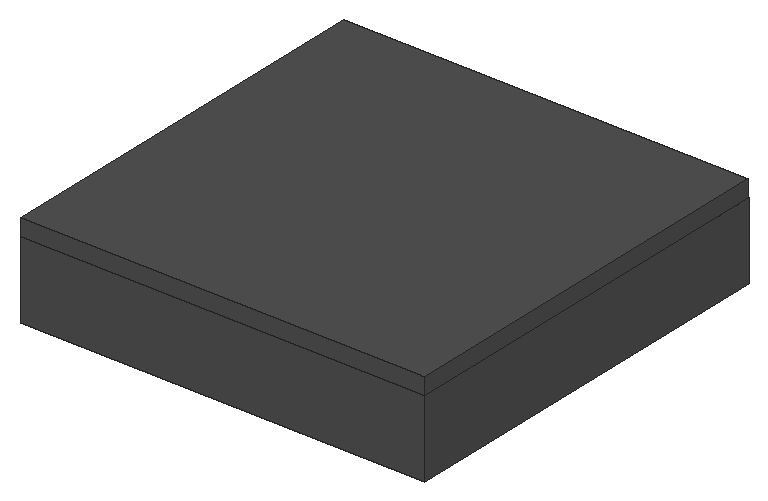
Revit family
Parameters (values of type "600 x 600mm(램프 2개)")
  폭 = 600 mm
  Wattage = 40 W
  built-in parameter 1150110 = 1 (stored number, unit not read)
  built-in parameter 1114217 = 1 (stored number, unit not read)
  built-in parameter 1150109 = 1 (stored number, unit not read)
  built-in parameter 1150134 = 8
  built-in parameter 1150113 = 1 (stored number, unit not read)
  built-in parameter 1150115 = 1 (stored number, unit not read)
  built-in parameter 1150105 = 827.61 (stored number, unit not read)
  Light Source Symbol Size = 609.6 mm
  built-in parameter 1150137 = (empty or 0)
  built-in parameter 1150139 = (empty or 0)
  조명 상자 2 = 금속 - 페인트 마감 - 진회색, 무광
  길이 = 600 mm
  built-in parameter 1150112 = 1 (stored number, unit not read)
  built-in parameter 1150114 = 1 (stored number, unit not read)
  built-in parameter 1150132 = (empty or 0)
  built-in parameter 1150102 = (empty or 0)
  built-in parameter 1150138 = (empty or 0)
  built-in parameter 1150107 = 4230 (stored number, unit not read)
  built-in parameter 1150106 = 8.2761 (stored number, unit not read)
  Emit from Rectangle Width = 폭  # 600 mm
  Emit from Rectangle Length = 길이  # 600 mm
  Emit Shape Visible in Rendering = no
  built-in parameter 1150104 = 6.0387 (stored number, unit not read)
  Dimming Lamp Color Temperature Shift = (empty or 0)
  디퓨저 = 유리 - 흰색, 높은 휘도
  Lamp = "T-12"
  조명 상자 1 = 금속 - 크롬
  Lumens = 2600 lm
  Wattage Comments = "(2)20"
  Color Filter = 16777215
  built-in parameter 1114218 = 1 (stored number, unit not read)
  built-in parameter 1150133 = 10 (stored number, unit not read)
Types (3, lengths in mm): name | Wattage | built-in parameter 1150105 | built-in parameter 1150106 | Lumens | Wattage Comments
  (no name) | 40 W | 827.61 (stored number, unit not read) | 8.2761 (stored number, unit not read) | 2600 lm | "(2)20"
  600 x 600mm(램프 2개) | 40 W | 827.61 (stored number, unit not read) | 8.2761 (stored number, unit not read) | 2600 lm | "(2)20"
  600 x 600mm(4 램프) | 80 W | 1655.2 (stored number, unit not read) | 16.552 (stored number, unit not read) | 5200 lm | "(4)20"
Reference planes
  plane 1 "광원 축": y = -54.666
  plane 2 "천장": z = 2438.4
  plane 3 "광원 축": x = -23.504
  plane 4 "광원 입면도": z = 2438.4
  plane 5: x = -323.504
  plane 6: x = 276.496
  plane 7: y = 245.334
  plane 8: y = -354.666
  plane 9: y = 32.609
  plane 10: y = -151.541
  plane 11: y = 216.759
  plane 12: y = -335.691
  plane 13: x = -294.929
  plane 14: x = 257.521
  plane 15: x = -110.779
  plane 16: x = 73.371
  plane 17: y = 32.609
  plane 18: y = -151.541
  plane 19: y = 216.759
  plane 20: y = -335.691
  plane 21: x = -294.929
  plane 22: x = 257.521
  plane 23: x = -110.779
  plane 24: x = 73.371
Forms (mm)
  Extrusion 1, solid, material "금속 - 크롬" <- "조명 상자 1"
    sketch origin (0, 0, 2438.4) x (1, 0, 0) y (0, 1, 0)
      loop
        line (-323.504, 245.334) -> (-323.504, -354.666) -> (276.496, -354.666) -> (276.496, 245.334) -> (-323.504, 245.334)
      loop
        line (-298.104, 219.934) -> (-298.104, -329.266) -> (251.096, -329.266) -> (251.096, 219.934) -> (-298.104, 219.934)
    from 0 to 114.3
  Extrusion 2, solid, material "금속 - 크롬" <- "조명 상자 1"
    sketch origin (0, 0, 2438.4) x (1, 0, 0) y (0, 1, 0)
      loop
        line (-323.504, 245.334) -> (-323.504, -354.666) -> (276.496, -354.666) -> (276.496, 245.334) -> (-323.504, 245.334)
    from 114.3 to 139.7
  Extrusion 3, solid, material "유리 - 흰색, 높은 휘도" <- "디퓨저"
    sketch origin (0, 0, 2438.4) x (1, 0, 0) y (0, 1, 0)
      loop
        line (-298.104, 219.934) -> (-298.104, -338.866) -> (260.696, -338.866) -> (260.696, 219.934) -> (-298.104, 219.934)
      loop
        line (-291.754, 35.784) -> (-113.954, 35.784) -> (-113.954, 213.584) -> (-291.754, 213.584) -> (-291.754, 35.784)
      loop
        line (-291.754, -148.366) -> (-113.954, -148.366) -> (-113.954, 29.434) -> (-291.754, 29.434) -> (-291.754, -148.366)
      loop
        line (-291.754, -154.716) -> (-291.754, -332.516) -> (-113.954, -332.516) -> (-113.954, -154.716) -> (-291.754, -154.716)
      loop
        line (-107.604, 35.784) -> (70.196, 35.784) -> (70.196, 213.584) -> (-107.604, 213.584) -> (-107.604, 35.784)
      loop
        line (-107.604, -148.366) -> (70.196, -148.366) -> (70.196, 29.434) -> (-107.604, 29.434) -> (-107.604, -148.366)
      loop
        line (-107.604, -154.716) -> (-107.604, -332.516) -> (70.196, -332.516) -> (70.196, -154.716) -> (-107.604, -154.716)
      loop
        line (76.546, 35.784) -> (254.346, 35.784) -> (254.346, 213.584) -> (76.546, 213.584) -> (76.546, 35.784)
      loop
        line (76.546, -148.366) -> (254.346, -148.366) -> (254.346, 29.434) -> (76.546, 29.434) -> (76.546, -148.366)
      loop
        line (76.546, -154.716) -> (76.546, -332.516) -> (254.346, -332.516) -> (254.346, -154.716) -> (76.546, -154.716)
    from 3.175 to 50.8
  Extrusion 4, solid, material "유리 - 흰색, 높은 휘도" <- "디퓨저"
    sketch origin (0, 0, 2438.4) x (1, 0, 0) y (0, 1, 0)
      loop
        line (-298.104, 219.934) -> (-298.104, -329.266) -> (251.096, -329.266) -> (251.096, 219.934) -> (-298.104, 219.934)
    from 76.2 to 82.55
  Extrusion 5, solid, material "금속 - 페인트 마감 - 진회색, 무광" <- "조명 상자 2"
    sketch origin (0, 0, 2438.4) x (1, 0, 0) y (0, 1, 0)
      loop
        line (-298.104, 219.934) -> (-298.104, -338.866) -> (260.696, -338.866) -> (260.696, 219.934) -> (-298.104, 219.934)
      loop
        line (-291.754, 35.784) -> (-113.954, 35.784) -> (-113.954, 213.584) -> (-291.754, 213.584) -> (-291.754, 35.784)
      loop
        line (-291.754, -148.366) -> (-113.954, -148.366) -> (-113.954, 29.434) -> (-291.754, 29.434) -> (-291.754, -148.366)
      loop
        line (-291.754, -154.716) -> (-291.754, -332.516) -> (-113.954, -332.516) -> (-113.954, -154.716) -> (-291.754, -154.716)
      loop
        line (-107.604, 35.784) -> (70.196, 35.784) -> (70.196, 213.584) -> (-107.604, 213.584) -> (-107.604, 35.784)
      loop
        line (-107.604, -148.366) -> (70.196, -148.366) -> (70.196, 29.434) -> (-107.604, 29.434) -> (-107.604, -148.366)
      loop
        line (-107.604, -154.716) -> (-107.604, -332.516) -> (70.196, -332.516) -> (70.196, -154.716) -> (-107.604, -154.716)
      loop
        line (76.546, 35.784) -> (254.346, 35.784) -> (254.346, 213.584) -> (76.546, 213.584) -> (76.546, 35.784)
      loop
        line (76.546, -148.366) -> (254.346, -148.366) -> (254.346, 29.434) -> (76.546, 29.434) -> (76.546, -148.366)
      loop
        line (76.546, -154.716) -> (76.546, -332.516) -> (254.346, -332.516) -> (254.346, -154.716) -> (76.546, -154.716)
    from 0 to 3.175
Lines and regions (mm)
  Opening 1
    outline origin (0, 0, 2438.4) x (1, 0, 0) y (0, 1, 0)
      loop
        line (-323.504, 245.334) -> (-323.504, -354.666) -> (276.496, -354.666) -> (276.496, 245.334) -> (-323.504, 245.334)
  sketch lines
    curve 1: line (-1547.504, 1469.334, 0) -> (1500.496, 1469.334, 0)
    curve 2: line (-1547.504, 1469.334, 0) -> (-1547.504, -1578.666, 0)
    curve 3: line (-1547.504, -1578.666, 0) -> (1500.496, -1578.666, 0)
    curve 4: line (1500.496, 1469.334, 0) -> (1500.496, -1578.666, 0)
  model lines
    curve 5: arc (159.376, -54.666, 2438.4) -> (-23.504, 128.214, 2438.4) -> (-206.384, -54.666, 2438.4) r 182.88
    curve 6: arc (-206.384, -54.666, 2438.4) -> (-23.504, -237.546, 2438.4) -> (159.376, -54.666, 2438.4) r 182.88
    curve 7: line (-298.104, -329.266, 2438.4) -> (-152.819, -183.982, 2438.4)
    curve 8: line (-152.819, 74.65, 2438.4) -> (-298.104, 219.934, 2438.4)
    curve 9: line (251.096, 219.934, 2438.4) -> (105.812, 74.65, 2438.4)
    curve 10: line (105.812, -183.982, 2438.4) -> (251.096, -329.266, 2438.4)
    curve 11: line (-298.104, 219.934, 2438.4) -> (251.096, 219.934, 2438.4)
    curve 12: line (-298.104, -329.266, 2438.4) -> (-298.104, 219.934, 2438.4)
    curve 13: line (251.096, -329.266, 2438.4) -> (-298.104, -329.266, 2438.4)
    curve 14: line (251.096, 219.934, 2438.4) -> (251.096, -329.266, 2438.4)
Dimensions and locks
  equal spacing: curve 2, plane 3 "광원 축", curve 4
  equal spacing: curve 3, plane 1 "광원 축", curve 1
  curve 2 to curve 4 = 3048 mm
  curve 3 to curve 1 = 3048 mm
  equal spacing: plane 5, plane 3 "광원 축", plane 6
  equal spacing: plane 8, plane 1 "광원 축", plane 7
  "길이": plane 5 to plane 6
  "폭": plane 8 to plane 7
  locked: Extrusion 1 sketch curve to Extrusion 1 sketch curve at 25.4
  equal spacing: plane 11, plane 9, plane 10, plane 12
  locked: curve 6 to curve 6 at 365.76
  equal spacing: plane 19, plane 17, plane 18, plane 20
  aligned and locked: curve 9 to curve 7
  aligned and locked: curve 8 to curve 10
  aligned and locked: plane 3 "광원 축" to imposter light
  aligned and locked: plane 1 "광원 축" to imposter light
  aligned and locked: plane 4 "광원 입면도" to imposter light
  aligned and locked: plane 4 "광원 입면도" to plane 2 "천장"
  aligned and locked: imposter light to plane 4 "광원 입면도"
Automatic sketch dimensions
  Opening 1 sketch curve to plane 5 = 0 mm
  Opening 1 sketch curve to plane 6 = 0 mm
  Opening 1 sketch curve to plane 8 = 0 mm
  Opening 1 sketch curve to plane 7 = 0 mm
  Extrusion 1 sketch curve to plane 5 = 0 mm
  Extrusion 1 sketch curve to plane 6 = 0 mm
  Extrusion 1 sketch curve to plane 8 = 0 mm
  Extrusion 1 sketch curve to plane 7 = 0 mm
  Extrusion 1 sketch curve to plane 5 = 25.4 mm
  plane 6 to Extrusion 1 sketch curve = 25.4 mm
  Extrusion 1 sketch curve to plane 8 = 25.4 mm
  Extrusion 2 sketch curve to plane 5 = 0 mm
  Extrusion 2 sketch curve to plane 6 = 0 mm
  Extrusion 2 sketch curve to plane 8 = 0 mm
  Extrusion 2 sketch curve to plane 7 = 0 mm
  Extrusion 4 sketch curve to plane 5 = 25.4 mm
  plane 6 to Extrusion 4 sketch curve = 25.4 mm
  Extrusion 4 sketch curve to plane 8 = 25.4 mm
  plane 7 to Extrusion 4 sketch curve = 25.4 mm
  plane 13 to Extrusion 3 sketch curve = 3.175 mm
  Extrusion 3 sketch curve to plane 13 = 3.175 mm  (x3)
  plane 15 to Extrusion 3 sketch curve = 3.175 mm  (x3)
  Extrusion 3 sketch curve to plane 15 = 3.175 mm  (x3)
  plane 16 to Extrusion 3 sketch curve = 3.175 mm  (x3)
  Extrusion 3 sketch curve to plane 16 = 3.175 mm  (x3)
  plane 14 to Extrusion 3 sketch curve = 3.175 mm  (x3)
  Extrusion 3 sketch curve to plane 14 = 3.175 mm
  Extrusion 3 sketch curve to plane 12 = 3.175 mm
  plane 12 to Extrusion 3 sketch curve = 3.175 mm  (x3)
  plane 10 to Extrusion 3 sketch curve = 3.175 mm  (x3)
  Extrusion 3 sketch curve to plane 10 = 3.175 mm  (x3)
  plane 9 to Extrusion 3 sketch curve = 3.175 mm  (x3)
  Extrusion 3 sketch curve to plane 9 = 3.175 mm  (x3)
  Extrusion 3 sketch curve to plane 11 = 3.175 mm  (x3)
  plane 11 to Extrusion 3 sketch curve = 3.175 mm
  plane 21 to Extrusion 5 sketch curve = 3.175 mm
  Extrusion 5 sketch curve to plane 21 = 3.175 mm  (x3)
  plane 23 to Extrusion 5 sketch curve = 3.175 mm  (x3)
  Extrusion 5 sketch curve to plane 23 = 3.175 mm  (x3)
  plane 24 to Extrusion 5 sketch curve = 3.175 mm  (x3)
  Extrusion 5 sketch curve to plane 24 = 3.175 mm  (x3)
  plane 22 to Extrusion 5 sketch curve = 3.175 mm  (x3)
  Extrusion 5 sketch curve to plane 22 = 3.175 mm
  Extrusion 5 sketch curve to plane 20 = 3.175 mm
  plane 20 to Extrusion 5 sketch curve = 3.175 mm  (x3)
  plane 18 to Extrusion 5 sketch curve = 3.175 mm  (x3)
  Extrusion 5 sketch curve to plane 18 = 3.175 mm  (x3)
  plane 17 to Extrusion 5 sketch curve = 3.175 mm  (x3)
  Extrusion 5 sketch curve to plane 17 = 3.175 mm  (x3)
  Extrusion 5 sketch curve to plane 19 = 3.175 mm  (x3)
  plane 19 to Extrusion 5 sketch curve = 3.175 mm
  curve 6 to plane 1 "광원 축" = 0 mm
  curve 6 to plane 3 "광원 축" = 0 mm
  curve 12 to plane 5 = 25.4 mm
  curve 8 to curve 11 = 0 mm
  curve 7 to curve 12 = 0 mm
  plane 1 "광원 축" to curve 7 = 129.316 mm
  curve 8 to plane 1 "광원 축" = 129.316 mm
  plane 1 "광원 축" to curve 10 = 129.316 mm
  curve 9 to plane 1 "광원 축" = 129.316 mm
  plane 6 to curve 10 = 25.4 mm
  curve 13 to curve 10 = 0 mm  (x2)
  curve 9 to curve 11 = 0 mm
  curve 12 to curve 8 = 0 mm
